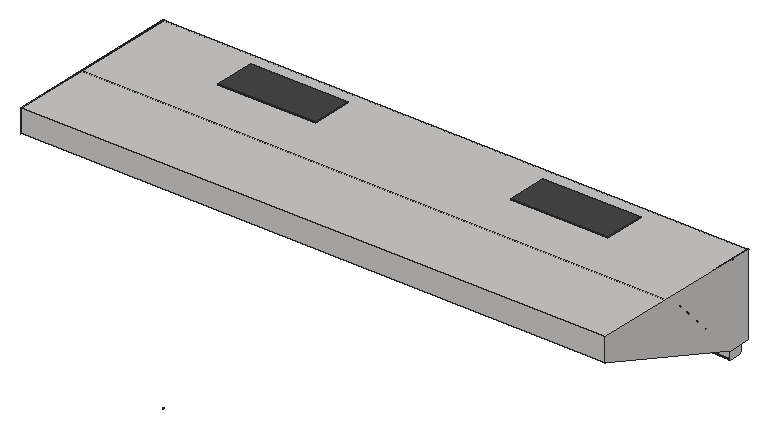
Revit family "QF_ELECTROLUXPROFESSIONAL_642095_MP1136DT", category Specialty Equipment, Revit 2014
Reference planes
  plane 1 "Center (Front/Back)": y = 0
  plane 2: z = 0
  plane 3 "Center (Left/Right)": x = 150
  plane 4 "LEFT": x = -1650
  plane 5 "RIGHT": x = 1950
  plane 6 "BACK": y = 550
  plane 7 "FRONT": y = -550
  plane 8 "Plane": z = 2000
  plane 9 "TOP": z = 2140
  plane 10 "Base": z = 1640
  plane 11: z = 1566
  plane 12 "DrainY": y = 485
  plane 13: x = -1647
  plane 14: through (0, 414.509, 1640.8) normal (0, 0.7314, 0.682)
  plane 15: y = 470
  plane 16: y = 220
  plane 17 "DrainX": x = 1830
  plane 18: x = -450
  plane 19: x = 750
  plane 20: x = -1050
  plane 21: x = 1350
  plane 22: x = 1947
  plane 23: x = 1740
  plane 24: x = 1920
  plane 25: x = -1610
  plane 26: x = -1245
  plane 27: x = -850
  plane 28: x = 1910
  plane 29: x = 1545
  plane 30: x = 1150
  plane 31: x = -47.5
  plane 32: x = 347.5
Forms (mm)
  Extrusion 1, solid, material "QF_Finishes_Stainless Steel"
    sketch origin (-1650, 0, 0) x (0, 1, 0) y (0, 0, 1)
      loop
        line (550, 1640) -> (550, 2140) -> (-550, 2140) -> (-550, 1999.112) -> (413.973, 1640) -> (550, 1640)
    from 0 to 3
  Extrusion 2, solid, material "QF_Finishes_Stainless Steel"
    sketch origin (150, 0, 0) x (0, 1, 0) y (0, 0, 1)
      loop
        line (415.255, 1640) -> (550, 1640) -> (550, 2139.19) -> (549.2, 2139.19) -> (549.2, 1640.8) -> (415.876, 1640.8) -> (339.347, 1722.867) -> (349.609, 1732.436) -> (348.927, 1733.167) -> (337.934, 1722.917) -> (415.255, 1640)
      loop
        line (-82.203, 2139.19) -> (-82.203, 2118.6) -> (-31.047, 2118.6) -> (34.354, 2048.466) -> (46.028, 2059.352) -> (45.346, 2060.083) -> (34.403, 2049.879) -> (-30.612, 2119.6) -> (-81.203, 2119.6) -> (-81.203, 2139.19) -> (-82.203, 2139.19)
    from -1797 to 1797
  Extrusion 3, solid, material "QF_Finishes_Stainless Steel"
    sketch origin (1950, 0, 0) x (0, 1, 0) y (0, 0, 1)
      loop
        line (550, 1640) -> (550, 2140) -> (-550, 2140) -> (-550, 1999.112) -> (413.973, 1640) -> (550, 1640)
    from 0 to -3
  Extrusion 4, solid, material "QF_Finishes_Stainless Steel"
    sketch origin (150, 0, 0) x (0, 1, 0) y (0, 0, 1)
      loop
        line (-550, 2140) -> (-550, 2000) -> (-549.2, 2000) -> (-549.2, 2139.19) -> (550, 2139.19) -> (550, 2140) -> (-550, 2140)
    from -1800 to 1800
  Extrusion 5, solid, material "QF_Finishes_Stainless Steel"
    sketch origin (150, 0, 0) x (0, 1, 0) y (0, 0, 1)
      loop
        line (534, 1640) -> (436, 1640) -> (436, 1627) -> (443.5, 1627) -> (443.5, 1576)
        arc (443.5, 1576) -> (446.429, 1568.929) -> (453.5, 1566) r 10
        line (453.5, 1566) -> (516.5, 1566)
        arc (516.5, 1566) -> (523.571, 1568.929) -> (526.5, 1576) r 10
        line (526.5, 1576) -> (526.5, 1627) -> (534, 1627) -> (534, 1640)
    from 1590 to 1770
  Extrusion 6, solid, material "QF_Finishes_Stainless Steel"
    sketch origin (0, 0, 1640) x (0, 1, 0) y (-1, 0, 0)
      loop
        circle (485, -1830) r 20
    from -76 to -74
  Extrusion 7, solid, material "QF_Finished_Chrome"
    sketch origin (150, 0, 0) x (0, 1, 0) y (0, 0, 1)
      loop
        line (337.934, 1722.917) -> (341.591, 1726.327) -> (38.011, 2051.876) -> (34.354, 2048.466) -> (337.934, 1722.917)
    from -1395 to -1760
  Extrusion 8, solid, material "QF_Finished_Chrome"
    sketch origin (150, 0, 0) x (0, 1, 0) y (0, 0, 1)
      loop
        line (337.934, 1722.917) -> (341.591, 1726.327) -> (38.011, 2051.876) -> (34.354, 2048.466) -> (337.934, 1722.917)
    from -197.5 to -1000
  Extrusion 9, solid, material "QF_Finishes_Stainless Steel"
    sketch origin (150, 0, 0) x (0, 1, 0) y (0, 0, 1)
      loop
        line (337.934, 1722.917) -> (341.591, 1726.327) -> (38.011, 2051.876) -> (34.354, 2048.466) -> (337.934, 1722.917)
    from 1797 to 1760
  Extrusion 10, solid, material "QF_Finishes_Stainless Steel"
    sketch origin (150, 0, 0) x (0, 1, 0) y (0, 0, 1)
      loop
        line (341.588, 1726.324) -> (38.009, 2051.874) -> (34.354, 2048.466) -> (337.934, 1722.917) -> (341.588, 1726.324)
    from -1395 to -1000
  Extrusion 11, solid, material "QF_Finished_Chrome"
    sketch origin (150, 0, 0) x (0, 1, 0) y (0, 0, 1)
      loop
        line (341.588, 1726.324) -> (38.009, 2051.874) -> (34.354, 2048.466) -> (337.934, 1722.917) -> (341.588, 1726.324)
    from 1395 to 1760
  Extrusion 12, solid, material "QF_Finishes_Black"
    sketch origin (0, 0, 2140) x (0, 1, 0) y (-1, 0, 0)
      loop
        line (470, 1050) -> (220, 1050) -> (220, 450) -> (470, 450) -> (470, 1050)
    from 5 to 0
  Extrusion 13, solid, material "QF_Finishes_Black"
    sketch origin (940, 0, 2140) x (0, 1, 0) y (-1, 0, 0)
      loop
        line (470, 190) -> (220, 190) -> (220, -410) -> (470, -410) -> (470, 190)
    from 5 to 0
  Extrusion 14, solid, material "QF_Finishes_Stainless Steel"
    sketch origin (0, 0, 0) x (1, 0, 0) y (0, 1, 0)
      loop
        line (-1650, 550) -> (-1650, 549) -> (-1649, 549) -> (-1649, 550) -> (-1650, 550)
    from 0 to 1
  Extrusion 15, solid, material "QF_Finishes_Stainless Steel"
    sketch origin (150, 0, 0) x (0, 1, 0) y (0, 0, 1)
      loop
        line (337.934, 1722.917) -> (341.591, 1726.327) -> (38.011, 2051.876) -> (34.354, 2048.466) -> (337.934, 1722.917)
    from -1760 to -1797
  Extrusion 16, solid, material "QF_Finishes_Stainless Steel"
    sketch origin (150, 0, 0) x (0, 1, 0) y (0, 0, -1)
      loop
        line (341.588, -1726.324) -> (337.934, -1722.917) -> (34.354, -2048.466) -> (38.009, -2051.874) -> (341.588, -1726.324)
    from -1395 to -1000
  Extrusion 17, solid, material "QF_Finished_Chrome"
    sketch origin (150, 0, 0) x (0, 1, 0) y (0, 0, 1)
      loop
        line (337.934, 1722.917) -> (341.591, 1726.327) -> (38.011, 2051.876) -> (34.354, 2048.466) -> (337.934, 1722.917)
    from 1000 to 197.5
  Extrusion 18, solid, material "QF_Finishes_Stainless Steel"
    sketch origin (150, 0, 0) x (0, 1, 0) y (0, 0, -1)
      loop
        line (341.588, -1726.324) -> (337.934, -1722.917) -> (34.354, -2048.466) -> (38.009, -2051.874) -> (341.588, -1726.324)
    from -197.5 to 197.5
Cuts and joins
  joined: Extrusion 2, Extrusion 4
Lines and regions (mm)
  reference lines
    curve 1: line (150, 34.354, 2048.466) -> (150, 34.354, 1888.466)
  symbolic lines, style "SpecialityEquipment", detail levels coarse
    curve 2: line (1950, 550, 2140) -> (-1650, 550, 2140)
    curve 3: line (-1650, 550, 2140) -> (-1650, -550, 2140)
    curve 4: line (1950, -550, 2140) -> (1950, 550, 2140)
    curve 5: line (-1650, -550, 2140) -> (1950, -550, 2140)
    curve 6: line (-1050, 220, 2140) -> (-450, 220, 2140)
    curve 7: line (-1050, 470, 2140) -> (-1050, 220, 2140)
    curve 8: line (-450, 470, 2140) -> (-1050, 470, 2140)
    curve 9: line (-450, 220, 2140) -> (-450, 470, 2140)
    curve 10: line (750, 470, 2140) -> (750, 220, 2140)
    curve 11: line (750, 220, 2140) -> (1350, 220, 2140)
    curve 12: line (1350, 470, 2140) -> (750, 470, 2140)
    curve 13: line (1350, 220, 2140) -> (1350, 470, 2140)
    curve 14: line (-1650, -550, 0) -> (1950, 550, 0)
    curve 15: line (1950, -550, 0) -> (-1650, 550, 0)
Dimensions and locks
  plane 4 "LEFT" to plane 5 "RIGHT" = 3600 mm
  equal spacing: plane 4 "LEFT", plane 3 "Center (Left/Right)", plane 5 "RIGHT"
  locked: plane 8 "Plane" to level at 2000
  plane 9 "TOP" to plane 8 "Plane" = 140 mm
  locked: plane 9 "TOP" to plane 10 "Base" at 500
  plane 10 "Base" to plane 11 = 74 mm
  plane 6 "BACK" to plane 12 "DrainY" = 65 mm  (x2)
  plane 4 "LEFT" to plane 13 = 3 mm
  plane 6 "BACK" to plane 15 = 80 mm
  plane 15 to plane 16 = 250 mm  (x2)
  plane 17 "DrainX" to plane 5 "RIGHT" = 120 mm
  locked: plane 18 to plane 19 at 1200
  equal spacing: plane 18, plane 3 "Center (Left/Right)", plane 19
  plane 20 to plane 18 = 600 mm
  plane 19 to plane 21 = 600 mm
  plane 22 to plane 5 "RIGHT" = 3 mm
  locked: plane 23 to plane 17 "DrainX" at 90
  locked: plane 17 "DrainX" to plane 24 at 90
  plane 6 "BACK" to plane 7 "FRONT" = 1100 mm  (x2)
  equal spacing: plane 6 "BACK", plane 1 "Center (Front/Back)", plane 7 "FRONT"
  plane 16 to plane 7 "FRONT" = 770 mm
  plane 15 to plane 6 "BACK" = 80 mm
  locked: plane 4 "LEFT" to plane 25 at 40
  locked: plane 25 to plane 26 at 365
  locked: plane 26 to plane 27 at 395
  locked: plane 28 to plane 29 at 365
  locked: plane 29 to plane 30 at 395
  locked: plane 28 to plane 5 "RIGHT" at 40
  locked: plane 31 to plane 32 at 395
  equal spacing: plane 31, plane 3 "Center (Left/Right)", plane 32
  plane 27 to plane 31 = 802.5 mm
  plane 32 to plane 30 = 802.5 mm
  aligned and locked: level to plane 2
  aligned and locked: Extrusion 2 to Extrusion 1
  aligned and locked: Extrusion 2 to Extrusion 3
  aligned and locked: plane 5 "RIGHT" to Extrusion 4
  aligned and locked: Extrusion 4 to plane 4 "LEFT"
  aligned and locked: plane 22 to Extrusion 9
  aligned and locked: plane 20 to Extrusion 12
  aligned and locked: Extrusion 12 to plane 18
  aligned and locked: Extrusion 12 to plane 16
  aligned and locked: Extrusion 12 to plane 15
  aligned and locked: Extrusion 13 to plane 21
  aligned and locked: plane 19 to Extrusion 13
  aligned and locked: Extrusion 2 to Extrusion 4
  aligned and locked: plane 24 to Extrusion 5
  aligned and locked: Extrusion 5 to plane 23
  aligned and locked: Extrusion 9 to plane 28
  aligned and locked: Extrusion 11 to plane 28
  aligned and locked: Extrusion 11 to plane 29
  aligned and locked: Extrusion 8 to plane 27
  aligned and locked: plane 27 to Extrusion 10
  aligned and locked: Extrusion 10 to plane 26
  aligned and locked: plane 26 to Extrusion 7
  aligned and locked: Extrusion 7 to plane 25
  aligned and locked: Extrusion 15 to plane 13
  aligned and locked: plane 25 to Extrusion 15
  aligned and locked: Extrusion 16 to plane 30
  aligned and locked: Extrusion 16 to plane 29
  aligned and locked: Extrusion 3 to plane 22
  aligned and locked: plane 31 to Extrusion 8
  aligned and locked: Extrusion 17 to plane 30
  aligned and locked: Extrusion 17 to plane 32
  aligned and locked: plane 32 to Extrusion 18
  aligned and locked: Extrusion 18 to plane 31
Automatic sketch dimensions
  curve 5 to plane 4 "LEFT" = 0 mm
  curve 5 to plane 7 "FRONT" = 0 mm
  curve 9 to plane 16 = 0 mm
  curve 10 to plane 16 = 0 mm
  plane 15 to curve 8 = 0 mm
  plane 15 to curve 12 = 0 mm
  curve 3 to plane 6 "BACK" = 0 mm
  curve 5 to plane 5 "RIGHT" = 0 mm
  curve 11 to plane 21 = 0 mm
  curve 10 to plane 19 = 0 mm
  curve 6 to plane 18 = 0 mm
  curve 6 to plane 20 = 0 mm
  Extrusion 1 sketch curve to plane 7 "FRONT" = 0 mm
  Extrusion 1 sketch curve to plane 10 "Base" = 0 mm
  Extrusion 1 sketch curve to plane 6 "BACK" = 0 mm
  Extrusion 1 sketch curve to plane 9 "TOP" = 0 mm
  plane 15 to Extrusion 1 sketch curve = 56.027 mm
  Extrusion 1 sketch curve to plane 8 "Plane" = 0.888 mm
  Extrusion 2 sketch curve to plane 14 = 0 mm  (x3)
  Extrusion 2 sketch curve to plane 10 "Base" = 0 mm
  plane 14 to Extrusion 2 sketch curve = 0 mm
  Extrusion 2 sketch curve to plane 6 "BACK" = 0 mm
  Extrusion 2 sketch curve to Extrusion 2 sketch curve = 65.646 mm
  Extrusion 2 sketch curve to Extrusion 2 sketch curve = 0.682 mm  (x2)
  Extrusion 2 sketch curve to Extrusion 2 sketch curve = 10.261 mm
  plane 10 "Base" to Extrusion 2 sketch curve = 82.917 mm
  Extrusion 2 sketch curve to plane 1 "Center (Front/Back)" = 46.028 mm
  Extrusion 2 sketch curve to Extrusion 2 sketch curve = 10.942 mm
  Extrusion 2 sketch curve to Extrusion 2 sketch curve = 0.049 mm
  Extrusion 2 sketch curve to plane 9 "TOP" = 20.4 mm
  Extrusion 2 sketch curve to plane 9 "TOP" = 21.4 mm
  Extrusion 2 sketch curve to plane 9 "TOP" = 0.81 mm  (x2)
  Extrusion 2 sketch curve to Extrusion 2 sketch curve = 50.156 mm
  Extrusion 2 sketch curve to Extrusion 2 sketch curve = 1 mm
  plane 10 "Base" to Extrusion 2 sketch curve = 0.8 mm
  Extrusion 2 sketch curve to plane 6 "BACK" = 0.8 mm
  Extrusion 3 sketch curve to plane 7 "FRONT" = 0 mm
  Extrusion 3 sketch curve to plane 10 "Base" = 0 mm
  Extrusion 3 sketch curve to plane 6 "BACK" = 0 mm
  Extrusion 3 sketch curve to plane 9 "TOP" = 0 mm
  plane 15 to Extrusion 3 sketch curve = 56.027 mm
  Extrusion 3 sketch curve to plane 8 "Plane" = 0.888 mm
  Extrusion 4 sketch curve to plane 7 "FRONT" = 0 mm
  Extrusion 4 sketch curve to plane 8 "Plane" = 0 mm
  Extrusion 4 sketch curve to plane 6 "BACK" = 0 mm
  Extrusion 4 sketch curve to plane 9 "TOP" = 0 mm
  plane 7 "FRONT" to Extrusion 4 sketch curve = 0.8 mm
  Extrusion 4 sketch curve to plane 9 "TOP" = 0.81 mm
  curve 1 to plane 14 = 0 mm
  curve 1 to plane 1 "Center (Front/Back)" = 34.354 mm
  curve 1 to plane 8 "Plane" = 111.534 mm
  Extrusion 5 sketch curve to plane 10 "Base" = 0 mm
  Extrusion 5 sketch curve to plane 11 = 0 mm
  Extrusion 5 sketch curve to plane 10 "Base" = 13 mm  (x2)
  plane 15 to Extrusion 5 sketch curve = 34 mm
  Extrusion 5 sketch curve to Extrusion 5 sketch curve = 7.5 mm  (x2)
  Extrusion 5 sketch curve to Extrusion 5 sketch curve = 10 mm
  plane 12 "DrainY" to Extrusion 5 sketch curve = 31.5 mm
  Extrusion 5 sketch curve to plane 6 "BACK" = 23.5 mm
  Extrusion 6 sketch curve to plane 12 "DrainY" = 0 mm
  Extrusion 6 sketch curve to plane 17 "DrainX" = 0 mm
  Extrusion 7 sketch curve to plane 14 = 0 mm  (x2)
  Extrusion 7 sketch curve to plane 1 "Center (Front/Back)" = 34.354 mm
  Extrusion 7 sketch curve to Extrusion 7 sketch curve = 3.657 mm
  plane 10 "Base" to Extrusion 7 sketch curve = 82.917 mm
  Extrusion 8 sketch curve to plane 14 = 0 mm  (x2)
  Extrusion 8 sketch curve to plane 1 "Center (Front/Back)" = 34.354 mm
  Extrusion 8 sketch curve to Extrusion 8 sketch curve = 3.657 mm
  plane 10 "Base" to Extrusion 8 sketch curve = 82.917 mm
  Extrusion 9 sketch curve to plane 14 = 0 mm  (x2)
  Extrusion 9 sketch curve to plane 1 "Center (Front/Back)" = 34.354 mm
  Extrusion 9 sketch curve to Extrusion 9 sketch curve = 3.657 mm
  plane 10 "Base" to Extrusion 9 sketch curve = 82.917 mm
  Extrusion 10 sketch curve to plane 14 = 0 mm  (x2)
  Extrusion 10 sketch curve to plane 1 "Center (Front/Back)" = 34.354 mm
  Extrusion 10 sketch curve to Extrusion 10 sketch curve = 3.655 mm
  plane 10 "Base" to Extrusion 10 sketch curve = 82.917 mm
  Extrusion 11 sketch curve to plane 14 = 0 mm  (x2)
  Extrusion 11 sketch curve to plane 1 "Center (Front/Back)" = 34.354 mm
  Extrusion 11 sketch curve to Extrusion 11 sketch curve = 3.655 mm
  plane 10 "Base" to Extrusion 11 sketch curve = 82.917 mm
  Extrusion 12 sketch curve to plane 16 = 0 mm
  plane 15 to Extrusion 12 sketch curve = 0 mm
  Extrusion 12 sketch curve to plane 18 = 0 mm
  Extrusion 12 sketch curve to plane 20 = 0 mm
  Extrusion 13 sketch curve to plane 16 = 0 mm
  plane 15 to Extrusion 13 sketch curve = 0 mm
  Extrusion 13 sketch curve to plane 21 = 0 mm
  Extrusion 13 sketch curve to plane 19 = 0 mm
  Extrusion 14 sketch curve to plane 4 "LEFT" = 0 mm
  Extrusion 14 sketch curve to plane 6 "BACK" = 0 mm
  plane 4 "LEFT" to Extrusion 14 sketch curve = 1 mm
  Extrusion 14 sketch curve to Extrusion 14 sketch curve = 1 mm
  Extrusion 15 sketch curve to plane 14 = 0 mm  (x2)
  Extrusion 15 sketch curve to plane 1 "Center (Front/Back)" = 34.354 mm
  Extrusion 15 sketch curve to Extrusion 15 sketch curve = 3.657 mm
  plane 10 "Base" to Extrusion 15 sketch curve = 82.917 mm
  Extrusion 16 sketch curve to plane 14 = 0 mm  (x2)
  Extrusion 16 sketch curve to plane 1 "Center (Front/Back)" = 34.354 mm
  Extrusion 16 sketch curve to Extrusion 16 sketch curve = 3.655 mm
  plane 10 "Base" to Extrusion 16 sketch curve = 82.917 mm
  Extrusion 17 sketch curve to plane 14 = 0 mm  (x2)
  Extrusion 17 sketch curve to plane 1 "Center (Front/Back)" = 34.354 mm
  Extrusion 17 sketch curve to Extrusion 17 sketch curve = 3.657 mm
  plane 10 "Base" to Extrusion 17 sketch curve = 82.917 mm
  Extrusion 18 sketch curve to plane 14 = 0 mm  (x2)
  Extrusion 18 sketch curve to plane 1 "Center (Front/Back)" = 34.354 mm
  Extrusion 18 sketch curve to Extrusion 18 sketch curve = 3.655 mm
  plane 10 "Base" to Extrusion 18 sketch curve = 82.917 mm
  curve 15 to plane 4 "LEFT" = 0 mm
  curve 14 to plane 4 "LEFT" = 0 mm
  curve 15 to plane 5 "RIGHT" = 0 mm
  curve 14 to plane 5 "RIGHT" = 0 mm
  curve 15 to plane 7 "FRONT" = 0 mm
  curve 14 to plane 7 "FRONT" = 0 mm
  curve 15 to plane 6 "BACK" = 0 mm
  curve 14 to plane 6 "BACK" = 0 mm
  radius of Extrusion 6 sketch curve = 20 mm
Connectors
  piping at (1830, 485, 1564), diameter 20
    settings: on Extrusion 6, index 1, connector inside diameter 609.6 mm, connector length 0 mm, flow factor 0, pipe flow 0.0 L/s, pressure drop 0.0 Pa, fitting loss kfactor 0, connector angle 0.00°, fixture units 0, engagement length 0 mm, angle of deflection 0.00°, flow configuration 1, flow direction 2, fitting loss method 0, system type 16, joint type 0, gender type 0, connector reference index -1, connector utility 0, adjustable connector no, is connector primary yes, connector description "Drain"
  hvac at (-750, 345, 2145)
    settings: on Extrusion 12, index 2, duct flow 0.0 L/s, flow factor 0, pres drop 0.0 Pa, loss coef 0, conn angle 0.00°, conn width 250 mm, conn height 600 mm, conn diameter 609.6 mm, duct sys type 3, conn prof type 1, flow config 1, flow direction 0, loss method 0, conn ref index -1, conn util no, is conn primary yes, conn desc "EXHAUST OUTLET"
  hvac at (1050, 345, 2145)
    settings: on Extrusion 13, index 3, duct flow 0.0 L/s, flow factor 0, pres drop 0.0 Pa, loss coef 0, conn angle 0.00°, conn width 250 mm, conn height 600 mm, conn diameter 609.6 mm, duct sys type 3, conn prof type 1, flow config 1, flow direction 0, loss method 0, conn ref index -1, conn util no, is conn primary no, conn desc "EXHAUST OUTLET"
